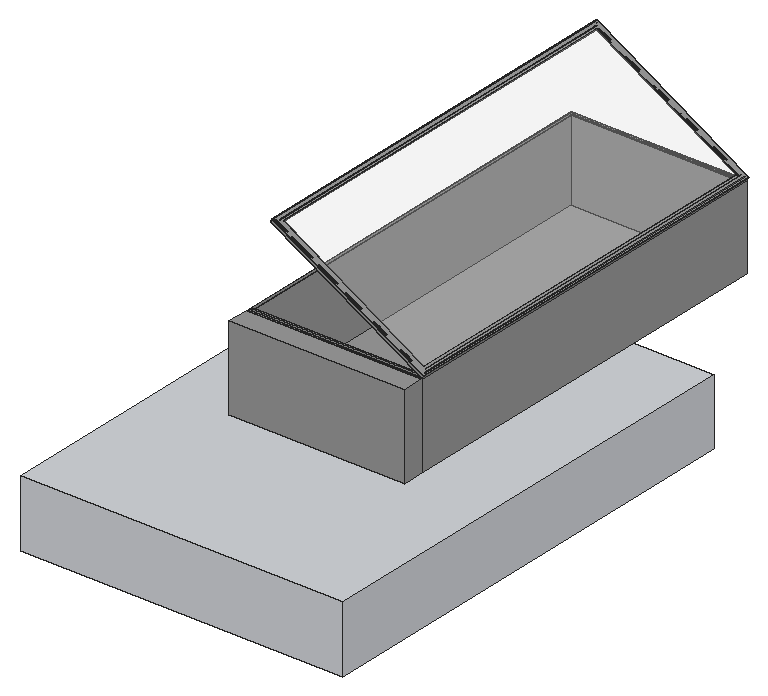
Revit family "Hager-Univers-IP55-D400-H1950-Cl.II-Steel_encl-NL-en", category Equipement électrique, Revit 2020
Family settings
  Hôte = Face
  Configuration du panneau = Deux colonnes, circuits au sein
  Cote de connecteur circulaire = Utiliser le diamètre
  Type d'élément = Tableau de raccordement
  Couper avec des vides une fois chargée = Non
  Partagée = Non
  Point de calcul de pièce = Non
Parameters (values of type "Floor installation IP55 W800 H1950 D400  - FR23U1")
  Width Control [instance] = if([EF000008 - Width] > Min Width, [EF000008 - Width], Min Width)  # 800 mm
  Commentaires du type = [HG000003 - Range]  # "Univers"
  Thickness Door [instance] = if([EF009171 - Material plate thickness door/cover] > 3 mm, 3 mm, [EF009171 - Material plate thickness door/cover])  # 1.5 mm
  Seal Frame Offset [instance] = 17 mm  # constant formula
  Plinth Visibility [instance] = [HG000027 - Plinth height] > 0 mm  # yes
  Model = ""
  Min Width [instance] = 100 mm  # constant formula
  Min Height [instance] = 100 mm  # constant formula
  Min Depth [instance] = (2 * [EF009170 - Material plate thickness cabinet]) + 1 mm  # 4 mm
  Internal Frame Depth [instance] = (Door System Depth * 0.5)  # 9 mm
  Height Control [instance] = if([EF000040 - Height] > Min Height, [EF000040 - Height], Min Height)  # 1950 mm
  HG000027 - Plinth height = 100 mm
  HG000026 - Floor standing = yes
  HG000024 - Bottom section height = 800 mm
  HG000023 - Double section enclosure = no
  HG000016 - Door 3d visibility [instance] = yes
  HG000015 - Clearance visibility [instance] = no
  HG000014 - Door on the right [instance] = yes
  HG000013 - Door on the left [instance] = not([HG000014 - Door on the right])  # no
  HG000012 - Door swing angle [instance] = 30.00°
  HG000010 - Asymmetric doors = no
  HG000009 - Double swing door = no
  HG000006 - Flush mounted = no
  HG000004 - Manufacturer reference = "FR23U1"
  HG000003 - Range = "Univers"
  HG000002 - With door or cover = yes
  Frame Offset Bottom [instance] = 10 mm  # constant formula
  Frame Offset [instance] = 15 mm  # constant formula
  EF015940 - Cover with overpressure release = no
  EF011959 - Degree of protection (NEMA) = ""
  EF009554 - Number of openings for flange plates = 6
  EF009212 - Cover model = "EV000116 - Closed"
  EF009171 - Material plate thickness door/cover = 1.5 mm
  EF009170 - Material plate thickness cabinet = 1.5 mm
  Fabricant = "Hager"  # constant formula
  EF008873 - Nominal current (In) = 800 A
  EF007800 - Suitable for lightning protection = no
  EF006306 - With lock = no
  EF006244 - Transparent cover/door = yes
  EF005474 - Degree of protection (IP) = "EV006420 - IP55"
  EF004464 - Type of door = "EV002646 - Single"
  EF004427 - Number of modules = 432
  EF004293 - Impact strength = "EV008784 - IK10"
  EF003532 - Suitable for outdoor use = no
  EF002950 - Width in number of modular spacings = 24
  EF001613 - Circuit integrity = "EV000494 - None"
  EF001596 - Material housing = "EV000179 - Steel"
  EF001131 - Internal depth = 400 mm
  EF001088 - Extension possible = yes
  EF000437 - Number of conduit inlets = 6
  EF000339 - Type of cover = "EV004216 - Door"
  EF000266 - Number of rows = 12
  EF000218 - Built-in depth = 0 mm
  EF000118 - With mounting plate = no
  EF000116 - RAL-number = "7035"
  EF000049 - Depth = 400 mm
  EF000040 - Height = 1950 mm
  EF000008 - Width = 800 mm
  EF000007 - Colour = "EV000270 - Grey"
  EF000003 - Mounting method = "EV012274 - Floor installation"
  Door System Leaf Tolerance [instance] = 1.5 mm  # constant formula
  Door System Depth [instance] = 18 mm  # constant formula
  Door Height [instance] = Height Control - [HG000027 - Plinth height]  # 1850 mm
  Depth Control [instance] = if([EF000049 - Depth] > Min Depth, [EF000049 - Depth], Min Depth)  # 400 mm
  Default Elevation = 0 mm
  Connector Offset [instance] = Height Control / 2  # 975 mm
  Bottom Top Plate Trim [instance] = 1.5 mm  # constant formula
  Plinth height Ctrl [instance] = if([HG000027 - Plinth height] > 0 mm, [HG000027 - Plinth height], 12 mm)  # 100 mm
Types (11, lengths in mm): name | Width Control | HG000010 - Asymmetric doors | HG000009 - Double swing door | HG000004 - Manufacturer reference | EF009554 - Number of openings for flange plates | EF006244 - Transparent cover/door | EF004464 - Type of door | EF004427 - Number of modules | EF000437 - Number of conduit inlets | EF000008 - Width
  Floor installation IP55 W1050 H1950 D400  - FR24H1 | 1050 | yes | yes | "FR24H1" | 8 | no | "EV003602 - Double" | 576 | 8 | 1050
  Floor installation IP55 W1050 H1950 D400  - FR24U1 | 1050 | yes | yes | "FR24U1" | 8 | yes | "EV003602 - Double" | 576 | 8 | 1050
  Floor installation IP55 W1300 H1950 D400  - FR25H1 | 1300 | yes | yes | "FR25H1" | 10 | no | "EV003602 - Double" | 720 | 10 | 1300
  Floor installation IP55 W1300 H1950 D400  - FR25U1 | 1300 | yes | yes | "FR25U1" | 10 | yes | "EV003602 - Double" | 720 | 10 | 1300
  Floor installation IP55 W1550 H1950 D400  - FR26H1 | 1550 | yes | yes | "FR26H1" | 12 | no | "EV003602 - Double" | 864 | 12 | 1550
  Floor installation IP55 W1550 H1950 D400  - FR26U1 | 1550 | yes | yes | "FR26U1" | 12 | yes | "EV003602 - Double" | 864 | 12 | 1550
  Floor installation IP55 W300 H1950 D400  - FR21H1 | 300 | no | no | "FR21H1" | 2 | no | "EV002646 - Single" | 144 | 2 | 300
  Floor installation IP55 W550 H1950 D400  - FR22H1 | 550 | no | no | "FR22H1" | 4 | no | "EV002646 - Single" | 288 | 4 | 550
  Floor installation IP55 W550 H1950 D400  - FR22U1 | 550 | no | no | "FR22U1" | 4 | yes | "EV002646 - Single" | 288 | 4 | 550
  Floor installation IP55 W800 H1950 D400  - FR23H1 | 800 | no | no | "FR23H1" | 6 | no | "EV002646 - Single" | 432 | 6 | 800
  Floor installation IP55 W800 H1950 D400  - FR23U1 | 800 | no | no | "FR23U1" | 6 | yes | "EV002646 - Single" | 432 | 6 | 800
Reference planes
  plane 1 "Center (Front/Back)": y = 0
  plane 2: z = 0
  plane 3 "Center (Left/Right)": x = 0
  plane 4: z = 400
  plane 5: y = 101.5
  plane 6: y = 1025
  plane 7: y = 100
  plane 8: y = 1950
  plane 9: z = 0
  plane 10: x = -385
  plane 11: x = 385
  plane 12: x = 383.5
  plane 13: x = -383.5
  plane 14: y = 1948.5
  plane 15: x = -383
  plane 16: x = -400
  plane 17: x = 383
  plane 18: x = 400
  plane 19: x = 398.5
  plane 20: x = -398.5
  plane 21: y = 111.5
  plane 22: y = 1950
  plane 23: y = 1933.5
  plane 24: z = 382
  plane 25: z = 1.5
  plane 26: z = 380.5
  plane 27: z = 398.5
Forms (mm)
  Extrusion 1, solid
    sketch origin (0, 0, 0) x (1, 0, 0) y (0, 1, 0)
      loop
        line (-702.964, 1305) -> (-702.964, -811.445) -> (766.763, -811.445) -> (766.763, 1305) -> (-702.964, 1305)
    from 0 to -304.8
  Extrusion 2, solid, material "Hager_Steel_RAL7035_Light_Grey", visible <- "Plinth Visibility", detail levels medium+fine
    sketch origin (0, 0, 0) x (1, 0, 0) y (0, 1, 0)
      loop
        line (-400, 0) -> (400, 0) -> (400, 100) -> (-400, 100) -> (-400, 0)
    from 0 to 382
  Extrusion 3, solid, material "Hager_Steel_RAL7035_Light_Grey", detail levels medium+fine
    sketch origin (0, 0, 0) x (1, 0, 0) y (0, 1, 0)
      loop
        line (-400, 100) -> (400, 100) -> (400, 1950) -> (-400, 1950) -> (-400, 100)
    from 0 to 382
  Extrusion 4, void
    sketch origin (0, 0, 0) x (1, 0, 0) y (0, 1, 0)
      loop
        line (-398.5, 101.5) -> (398.5, 101.5) -> (398.5, 1948.5) -> (-398.5, 1948.5) -> (-398.5, 101.5)
    from 1.5 to 380.5
  Extrusion 5, void
    sketch origin (-381.607, -4572, 382) x (0, -1, 0) y (-1, 0, 0)
      loop
        line (-4683.5, 1.893) -> (-6505.5, 1.893) -> (-6505.5, -765.107) -> (-4683.5, -765.107) -> (-4683.5, 1.893)
    from 0 to 1.5 <- "EF009170 - Material plate thickness cabinet"
  Extrusion 6, solid, material "Hager_Steel_RAL7035_Light_Grey", detail levels fine
    sketch origin (0, 0, 382) x (1, 0, 0) y (0, 1, 0)
      loop
        line (-383.5, 1933.5) -> (-383.5, 111.5) -> (383.5, 111.5) -> (383.5, 1933.5) -> (-383.5, 1933.5)
      loop
        line (-385, 110) -> (385, 110) -> (385, 1935) -> (-385, 1935) -> (-385, 110)
    from 0 to 9 <- "Internal Frame Depth"
  Extrusion 7, solid, material "Hager_Steel_RAL7035_Light_Grey", detail levels coarse
    sketch origin (0, 0, 0) x (1, 0, 0) y (0, 1, 0)
      loop
        line (-400, 0) -> (400, 0) -> (400, 1950) -> (-400, 1950) -> (-400, 0)
    from 0 to 400
  Sweep 8, void
    path in 3D
      loop
        line (-400, 100, 0) -> (400, 100, 0) -> (400, 100, 382) -> (-400, 100, 382) -> (-400, 100, 0)
    profile origin (-400, 100, 191) x (-1, 0, 0) y (0, -1, 0)
      loop
        line (0, 0) -> (0, 1.5) -> (-1.5, 1.5)
        arc (-1.5, 1.5) -> (-1.061, 0.439) -> (0, 0) r 1.5
Cuts and joins
  Extrusion 4, Extrusion 5 cuts Extrusion 3
  Sweep 8 cuts Extrusion 2
Lines and regions (mm)
  Masking region 1
    outline origin (0, 0, 0) x (1, 0, 0) y (0, 0, 1)
      loop
        line (-400, 400) -> (-400, 0) -> (400, 0) -> (400, 400) -> (-400, 400)
  Masking region 2, detail levels medium+fine
    outline origin (0, 140, 0) x (0, 1, 0) y (0, 0, 1)
      loop
        line (-40, 0) -> (1810, 0) -> (1810, 382) -> (-40, 382) -> (-40, 0)
  Masking region 3, not visible, detail levels medium+fine
    outline origin (0, 297.922, 0) x (0, 1, 0) y (0, 0, 1)
      loop
        line (738.578, 0) -> (778.578, 0) -> (778.578, 388.5)
        arc (778.578, 388.5) -> (775.649, 395.571) -> (768.578, 398.5) r 10
        line (768.578, 398.5) -> (738.578, 398.5) -> (738.578, 0)
  Masking region 4, detail levels coarse
    outline origin (0, 0, 180) x (0, 1, 0) y (0, 0, 1)
      loop
        line (0, -180) -> (1950, -180) -> (1950, 220) -> (0, 220) -> (0, -180)
  Masking region 5, visible <- "Plinth Visibility", detail levels medium+fine
    outline origin (0, 52.24, 12.345) x (0, 0, -1) y (0, 1, 0)
      loop
        line (10.845, 47.76) -> (-368.155, 47.76)
        arc (-368.155, 47.76) -> (-368.594, 46.699) -> (-369.655, 46.26) r 1.5
        line (-369.655, 46.26) -> (-369.655, -52.24) -> (12.345, -52.24) -> (12.345, 46.26)
        arc (12.345, 46.26) -> (11.285, 46.699) -> (10.845, 47.76) r 1.5
  Masking region 6, detail levels medium+fine
    outline origin (-381.607, -4572, 382) x (-1, 0, 0) y (0, -1, 0)
      loop
        line (18.393, -6522) -> (18.393, -4672) -> (-781.607, -4672) -> (-781.607, -6522) -> (18.393, -6522)
  Masking region 7, visible <- "Plinth Visibility", detail levels medium+fine
    outline origin (-381.607, -4727, 382) x (-1, 0, 0) y (0, -1, 0)
      loop
        arc (16.893, -4827) -> (17.332, -4825.939) -> (18.393, -4825.5) r 1.5
        line (18.393, -4825.5) -> (18.393, -4727) -> (-781.607, -4727) -> (-781.607, -4825.5)
        arc (-781.607, -4825.5) -> (-780.546, -4825.939) -> (-780.107, -4827) r 1.5
        line (-780.107, -4827) -> (16.893, -4827)
  Masking region 8, detail levels coarse
    outline origin (-442.548, -4669.526, 382) x (-1, 0, 0) y (0, -1, 0)
      loop
        line (-42.548, -6619.526) -> (-42.548, -4669.526) -> (-842.548, -4669.526) -> (-842.548, -6619.526) -> (-42.548, -6619.526)
  sketch lines
    curve 1: line (-400, 100, 382) -> (-400, 100, 0)
    curve 2: line (400, 100, 382) -> (-400, 100, 382)
    curve 3: line (400, 100, 382) -> (400, 100, 0)
    curve 4: line (-400, 100, 0) -> (400, 100, 0)
Dimensions and locks
  "Depth Control": plane 4 to Extrusion 1
  "HG000027 - Plinth height": plane 1 "Center (Front/Back)" to plane 7
  "EF009170 - Material plate thickness cabinet": plane 5 to plane 7
  locked: connector elem to plane 3 "Center (Left/Right)"
  equal spacing: plane 8, plane 6, plane 7
  locked: connector elem to plane 6
  "EF009170 - Material plate thickness cabinet": plane 8 to plane 14
  "EF009170 - Material plate thickness cabinet": plane 10 to plane 13
  "EF009170 - Material plate thickness cabinet": plane 12 to plane 11
  "Frame Offset": plane 20 to plane 13
  "Frame Offset": plane 12 to plane 19
  "EF009170 - Material plate thickness cabinet": plane 16 to plane 20
  "EF009170 - Material plate thickness cabinet": plane 19 to plane 18
  "Seal Frame Offset": plane 16 to plane 15
  "Seal Frame Offset": plane 17 to plane 18
  "Frame Offset Bottom": plane 21 to plane 5
  "Frame Offset": plane 14 to plane 23
  equal spacing: plane 16, plane 3 "Center (Left/Right)", plane 18
  "Width Control": plane 16 to plane 18
  "EF009170 - Material plate thickness cabinet": plane 4 to plane 27
  "EF009170 - Material plate thickness cabinet": plane 24 to plane 26
  "EF009170 - Material plate thickness cabinet": plane 25 to level
  "Door System Depth": plane 4 to plane 24
  "Height Control": plane 1 "Center (Front/Back)" to Extrusion 7 sketch curve
  "Height Control": Masking region 4 sketch curve to plane 1 "Center (Front/Back)"
  "Height Control": plane 1 "Center (Front/Back)" to plane 22
  "Bottom Top Plate Trim": profile plane to Sweep 8 sketch curve
  "Bottom Top Plate Trim": Sweep 8 sketch curve to profile plane
  "Plinth height Ctrl": plane 1 "Center (Front/Back)" to Extrusion 2 sketch curve
  "Plinth height Ctrl": Masking region 5 sketch curve to plane 1 "Center (Front/Back)"
  "Plinth height Ctrl": plane 1 "Center (Front/Back)" to Masking region 7 sketch curve
  "Thickness Door": Extrusion 6 sketch curve to Extrusion 6 sketch curve  (x3)
  "Thickness Door": cut or joined group of Extrusion 3, Extrusion 4, Extrusion 5 to Extrusion 6 sketch curve
  radius of Masking region 3 sketch curve = 10 mm
  "Bottom Top Plate Trim": radius of Masking region 5 sketch curve  (x2)
  "Bottom Top Plate Trim": radius of Sweep 8 sketch curve
  "Bottom Top Plate Trim": radius of Masking region 7 sketch curve  (x2)
  aligned and locked: plane 2 to Extrusion 1
  aligned and locked: level to Extrusion 1
  aligned and locked: level to Masking region 1 sketch curve
  aligned and locked: Masking region 1 sketch curve to plane 18
  aligned and locked: Masking region 1 sketch curve to plane 16
  aligned and locked: plane 7 to Masking region 2 sketch curve
  aligned and locked: level to Masking region 3 sketch curve
  aligned and locked: Masking region 3 sketch curve to plane 27
  aligned and locked: level to Masking region 2 sketch curve
  aligned and locked: plane 1 "Center (Front/Back)" to Extrusion 2 sketch curve
  aligned and locked: Extrusion 3 sketch curve to plane 7
  aligned and locked: plane 16 to Extrusion 3 sketch curve
  aligned and locked: plane 18 to Extrusion 3 sketch curve
  aligned and locked: plane 20 to Extrusion 4 sketch curve
  aligned and locked: plane 19 to Extrusion 4 sketch curve
  aligned and locked: Extrusion 4 sketch curve to plane 5
  aligned and locked: Extrusion 4 to plane 25
  aligned and locked: plane 26 to Extrusion 4
  aligned and locked: plane 24 to Extrusion 3
  aligned and locked: Extrusion 5 sketch curve to plane 21
  aligned and locked: Extrusion 5 sketch curve to plane 13
  aligned and locked: Extrusion 5 sketch curve to plane 12
  aligned and locked: plane 18 to Extrusion 7 sketch curve
  aligned and locked: plane 1 "Center (Front/Back)" to Extrusion 7 sketch curve
  aligned and locked: plane 16 to Extrusion 7 sketch curve
  aligned and locked: plane 4 to Extrusion 7
  aligned and locked: Extrusion 7 to level
  aligned and locked: level to Masking region 4 sketch curve
  aligned and locked: Masking region 4 sketch curve to plane 1 "Center (Front/Back)"
  aligned and locked: Masking region 4 sketch curve to plane 4
  aligned and locked: nested 1 to level
  aligned and locked: nested 1 to plane 16
  aligned and locked: plane 8 to Extrusion 3 sketch curve
  aligned and locked: plane 23 to Extrusion 5 sketch curve
  aligned and locked: plane 14 to Extrusion 4 sketch curve
  aligned and locked: Masking region 2 sketch curve to plane 8
  aligned and locked: level to Masking region 5 sketch curve
  aligned and locked: plane 16 to Extrusion 2 sketch curve
  aligned and locked: plane 18 to Extrusion 2 sketch curve
  aligned and locked: Masking region 5 sketch curve to plane 24
  aligned and locked: Masking region 2 sketch curve to plane 24
  aligned and locked: plane 24 to Extrusion 2
  aligned and locked: profile plane to Sweep 8 sketch curve  (x2)
  aligned and locked: Masking region 6 sketch curve to plane 18
  aligned and locked: Masking region 6 sketch curve to plane 22
  aligned and locked: Masking region 6 sketch curve to plane 16
  aligned and locked: plane 8 to plane 22
  aligned and locked: Masking region 6 sketch curve to plane 7
  aligned and locked: Masking region 7 sketch curve to plane 16
  aligned and locked: Masking region 7 sketch curve to plane 1 "Center (Front/Back)"
  aligned and locked: Masking region 7 sketch curve to plane 18
  aligned and locked: Masking region 8 sketch curve to plane 1 "Center (Front/Back)"
  aligned and locked: Masking region 8 sketch curve to plane 18
  aligned and locked: Masking region 8 sketch curve to plane 22
  aligned and locked: Masking region 8 sketch curve to plane 16
  aligned and locked: nested 2 to plane 7
  aligned and locked: plane 3 "Center (Left/Right)" to nested 2
  aligned and locked: nested 2 to plane 24
  aligned and locked: Extrusion 6 sketch curve to cut or joined group of Extrusion 3, Extrusion 4, Extrusion 5  (x4)
Automatic sketch dimensions
  Extrusion 1 sketch curve to Extrusion 1 sketch curve = 1469.727 mm
  Extrusion 1 sketch curve to Extrusion 1 sketch curve = 2116.445 mm
  Masking region 1 sketch curve to plane 4 = 0 mm
  plane 6 to Masking region 3 sketch curve = 11.5 mm
  Masking region 3 sketch curve to Masking region 3 sketch curve = 30 mm
  Masking region 5 sketch curve to plane 1 "Center (Front/Back)" = 0 mm
Nested families
  nested 1: "Hager_Enclosure_Symbol" at (-400, 0, 0) x (1, 0, 0) z (0, -1, 0), Height <- "Depth Control", Width <- "Width Control", type "Hager_Enclosure_Symbol"
    with Width_Ctrl 800 mm, Width 800 mm, Height_Ctrl 400 mm, Height 400 mm, A_Width_Int 26.25 mm, A_Width 315 mm, A_Height_Ctrl 350 mm, A_Height 350 mm
  nested 2: "EC000058_Univers_Door" at (0, 100, 382) x (1, 0, 0) z (0, 1, 0), Leaf_Tolerance <- "Door System Leaf Tolerance", Angle <- "HG000012 - Door swing angle", Door_Depth <- "Door System Depth", Door_Left <- "HG000013 - Door on the left", Transparent <- "EF006244 - Transparent cover/door", Assymetrical <- "HG000010 - Asymmetric doors", Width <- "Width Control", Clearance <- "HG000015 - Clearance visibility", Double <- "HG000009 - Double swing door", 3d_Door <- "HG000016 - Door 3d visibility", Lock_Visibility <- "EF006306 - With lock", Width_Ctrl <- "Width Control", Door_Right <- "HG000014 - Door on the right", Door <- "HG000002 - With door or cover", Height <- "Door Height", Thickness <- "Thickness Door", type "EC000058_Univers_Door", detail levels medium+fine
    with min_wh 4 mm, Width_Ctrl 800 mm, Width 800 mm, Transparent yes, Thickness 1.5 mm, Seal_Material Hager_Rubber, Lock_Visibility no, Lock_Material Hager_Plastic_RAL9005_Jet_Black, Leaf_Width 800 mm, Leaf_Tolerance_External_Sides 0 mm, Leaf_Tolerance 1.5 mm, Leaf_Offset 0 mm, Leaf_Height 1847 mm, Leaf_2_Width 800 mm, Leaf_2_Offset 400 mm, Leaf_1_Width 800 mm, Leaf_1_Offset 400 mm, Height_Ctrl 1850 mm, Height 1850 mm, Glass_Material Hager_Glass, Double_Clearance_Ctrl no, Double no, Door_Right_Ctrl yes, Door_Right yes, Door_Material Hager_Steel_RAL7035_Light_Grey, Door_Left_Ctrl no, Door_Left no, Door_Depth 18 mm, Door yes, Clearance_Material Hager_Clearance, Clearance_Depth 800 mm, Clearance_Ctrl no, Clearance no, Assymetrical no, Angle 30.00°, 3d_Door yes
Connectors
  electrical at (0, 1025, 0)
    settings: on plane 9, index 1, voltage 0 V, apparent load 0 VA, apparent load phase1 0 VA, apparent load phase2 0 VA, apparent load phase3 0 VA, power factor 1, load classification "Other", number of poles 1, system type 30, power factor state 1, is connector primary yes, connector utility no, sub classification motor no, connector description ""
Definition of nested family "EC000058_Univers_Door"
  Parameters (values of type "EC000058_Univers_Door")
    min_wh [instance] = (2 * Thickness) + 1 mm  # 11 mm
    Width_Ctrl [instance] = 400 mm
    Width [instance] = 500 mm
    Transparent [instance] = yes
    Thickness [instance] = 5 mm
    Seal_Material [instance] = none
    Lock_Visibility [instance] = yes
    Lock_Material [instance] = none
    Leaf_Width [instance] = if((Width_Ctrl - 2 * Leaf_Tolerance_External_Sides) > 0 mm, (Width_Ctrl - 2 * Leaf_Tolerance_External_Sides), min_wh)  # 400 mm
    Leaf_Tolerance_External_Sides [instance] = 0 mm  # constant formula
    Leaf_Tolerance [instance] = 1.5 mm
    Leaf_Offset [instance] = 0 mm  # constant formula
    Leaf_Height [instance] = if((Height_Ctrl - 2 * Leaf_Tolerance) > 0 mm, (Height_Ctrl - 2 * Leaf_Tolerance), min_wh)  # 497 mm
    Leaf_2_Width [instance] = if(and(and(Double, Assymetrical), Door_Left), (Leaf_Width / 3) - (Leaf_Tolerance / 2), if(and(and(Double, Assymetrical), Door_Right), (Leaf_Width / 3) * 2 - (Leaf_Tolerance / 2), if(and(Double, not(Assymetrical)), (Leaf_Width / 2) - Leaf_Tolerance, Leaf_Width)))  # 400 mm
    Leaf_2_Offset [instance] = if(and(Double, Assymetrical), Leaf_2_Width / 2, if(and(Double, not(Assymetrical)), Leaf_Width / 4, Leaf_Width / 2))  # 200 mm
    Leaf_1_Width [instance] = if(and(and(Double, Assymetrical), Door_Right), (Leaf_Width / 3) - (Leaf_Tolerance / 2), if(and(and(Double, Assymetrical), Door_Left), (Width / 3) * 2 - (Leaf_Tolerance / 2), if(and(Double, not(Assymetrical)), (Leaf_Width / 2) - Leaf_Tolerance, Leaf_Width)))  # 400 mm
    Leaf_1_Offset [instance] = if(and(Double, Assymetrical), Leaf_1_Width / 2, if(and(Double, not(Assymetrical)), Leaf_Width / 4, Leaf_Width / 2))  # 200 mm
    Height_Ctrl [instance] = if(Height > min_wh, Height, min_wh)  # 500 mm
    Height [instance] = 500 mm
    Glass_Material [instance] = none
    Double_Clearance_Ctrl [instance] = and(Double, Clearance)  # no
    Double [instance] = no
    Door_Right_Ctrl [instance] = and(or(Door_Right, Double), Door)  # yes
    Door_Right [instance] = yes
    Door_Material [instance] = none
    Door_Left_Ctrl [instance] = and(or(Door_Left, Double), Door)  # no
    Door_Left [instance] = no
    Door_Depth [instance] = 30 mm
    Door [instance] = yes
    Default Elevation = 1219.2 mm
    Clearance_Material [instance] = none
    Clearance_Depth [instance] = if(Leaf_1_Width > Leaf_2_Width, Leaf_1_Width, Leaf_2_Width)  # 400 mm
    Clearance_Ctrl [instance] = and(not(Double), Clearance)  # yes
    Clearance [instance] = yes
    Assymetrical [instance] = yes
    Angle [instance] = 30.00°
    3d_Door [instance] = yes
  Reference planes
    plane 1 "Center (Front/Back)": y = 0
    plane 2 "Bottom": z = 0
    plane 3 "Center (Left/Right)": x = 0
    plane 4: z = 500
    plane 5: x = -200
    plane 6: x = 200
    plane 7: z = 500
    plane 8: x = -200
    plane 9: z = 0
    plane 10: x = 200
    plane 11: y = 0
    plane 12: z = 1.5
    plane 13: x = -600
    plane 14: y = -400
    plane 15: x = 600
    plane 16: x = 0
    plane 17: x = 0
    plane 18: x = -200
    plane 19: x = 200
    plane 20: z = 498.5
  Forms (mm)
    Extrusion 1, solid, material <- "Clearance_Material", visible <- "Double_Clearance_Ctrl"
      sketch origin (1200, 0, 0) x (1, 0, 0) y (0, 0, -1)
        loop
          line (-1800, -498.5) -> (-600, -498.5) -> (-600, 0) -> (-1800, 0) -> (-1800, -498.5)
      from 0 to -400
  Dimensions and locks
    equal spacing: plane 5, plane 3 "Center (Left/Right)", plane 6
    "Width_Ctrl": plane 5 to plane 6
    "Leaf_Offset": plane 5 to plane 8
    "Leaf_Offset": plane 6 to plane 10
    "Leaf_Offset": plane 9 to level
    "Leaf_Offset": plane 4 to plane 7
    "Height_Ctrl": plane 4 to level
    "Leaf_Tolerance": plane 12 to plane 9
    locked: plane 11 to plane 1 "Center (Front/Back)"
    "Leaf_1_Offset": plane 18 to plane 16
    "Leaf_2_Offset": plane 17 to plane 19
    "Leaf_1_Width": plane 13 to plane 8
    "Leaf_2_Width": plane 10 to plane 15
    "Clearance_Depth": plane 14 to plane 1 "Center (Front/Back)"
    "Leaf_Tolerance_External_Sides": plane 8 to plane 18
    "Leaf_Tolerance_External_Sides": plane 19 to plane 10
    "Leaf_Tolerance": plane 7 to plane 20
    aligned and locked: level to plane 2 "Bottom"
    aligned and locked: nested 1 to plane 16
    aligned and locked: nested 2 to plane 17
    aligned and locked: Extrusion 1 to plane 13
    aligned and locked: plane 15 to Extrusion 1
    aligned and locked: Extrusion 1 to plane 14
    aligned and locked: plane 12 to nested 1
    aligned and locked: nested 2 to plane 12
    aligned and locked: Extrusion 1 to plane 11
    aligned and locked: plane 20 to Extrusion 1
    aligned and locked: nested 2 to plane 11
    aligned and locked: nested 1 to plane 11
  Automatic sketch dimensions
    Extrusion 1 sketch curve to level = 0 mm
    plane 5 to Extrusion 1 sketch curve = 400 mm
    plane 6 to Extrusion 1 sketch curve = 400 mm
    Extrusion 1 sketch curve to plane 4 = 1.5 mm
  Nested families
    nested 1: "EC000058_Univers_Door_Leaf" at (0, 0, 1.5), Width <- "Leaf_1_Width", visible <- "Door_Left_Ctrl", Leaf_Height <- "Leaf_Height", Angle <- "Angle", 3d_Door <- "3d_Door", Transparent <- "Transparent", Clearance Material <- "Clearance_Material", Clearance <- "Clearance_Ctrl", Door_Material <- "Door_Material", Glass_Material <- "Glass_Material", Door_Depth <- "Door_Depth", Lock_Material <- "Lock_Material", Seal_Material <- "Seal_Material", Lock_Visibility <- "Lock_Visibility", Thickness <- "Thickness", type "EC000058_Univers_Door_Leaf"
      with Width 400 mm, Transparent_Glass_Offset 30 mm, Transparent_Ctrl yes, Transparent yes, Thickness 5 mm, Standard no, Seal_Material none, Seal_D2 8 mm, Seal_D1 1 mm, Offset_Internal_Frame 10 mm, Lock_Width 20 mm, Lock_Visibility_3d yes, Lock_Visibility yes, Lock_Thickness_3 3 mm, Lock_Thickness_2 1 mm, Lock_Thickness_1 3 mm, Lock_Radius_Offset_2 16 mm, Lock_Radius_Offset_1 15 mm, Lock_Radius_2 5 mm, Lock_Radius 6 mm, Lock_Offset 5 mm, Lock_Material none, Lock_Height 80 mm, Lock_Cover_Top_Offset_2d 17 mm, Lock_Cover_Height -65 mm, Leaf_Height 497 mm, Internal_Seal_Thickness 8 mm, Internal_Seal_Depth_2 4.5 mm, Internal_Frame_Depth 25 mm, Glass_Thickness -1 mm, Glass_Offset -2 mm, Glass_Material none, Door_Material none, Door_Depth 30 mm, Clearance Material none, Clearance yes, Angle_Ctrl 30.00°, Angle 30.00°, 3d_Door yes
    nested 2: "EC000058_Univers_Door_Leaf" at (0, 0, 1.5) x (-1, 0, 0) z (0, 0, 1), Width <- "Leaf_2_Width", visible <- "Door_Right_Ctrl", Leaf_Height <- "Leaf_Height", Angle <- "Angle", 3d_Door <- "3d_Door", Transparent <- "Transparent", Clearance Material <- "Clearance_Material", Clearance <- "Clearance_Ctrl", Door_Material <- "Door_Material", Glass_Material <- "Glass_Material", Door_Depth <- "Door_Depth", Lock_Material <- "Lock_Material", Seal_Material <- "Seal_Material", Lock_Visibility <- "Lock_Visibility", Thickness <- "Thickness", type "EC000058_Univers_Door_Leaf"
      with Width 400 mm, Transparent_Glass_Offset 30 mm, Transparent_Ctrl yes, Transparent yes, Thickness 5 mm, Standard no, Seal_Material none, Seal_D2 8 mm, Seal_D1 1 mm, Offset_Internal_Frame 10 mm, Lock_Width 20 mm, Lock_Visibility_3d yes, Lock_Visibility yes, Lock_Thickness_3 3 mm, Lock_Thickness_2 1 mm, Lock_Thickness_1 3 mm, Lock_Radius_Offset_2 16 mm, Lock_Radius_Offset_1 15 mm, Lock_Radius_2 5 mm, Lock_Radius 6 mm, Lock_Offset 5 mm, Lock_Material none, Lock_Height 80 mm, Lock_Cover_Top_Offset_2d 17 mm, Lock_Cover_Height -65 mm, Leaf_Height 497 mm, Internal_Seal_Thickness 8 mm, Internal_Seal_Depth_2 4.5 mm, Internal_Frame_Depth 25 mm, Glass_Thickness -1 mm, Glass_Offset -2 mm, Glass_Material none, Door_Material none, Door_Depth 30 mm, Clearance Material none, Clearance yes, Angle_Ctrl 30.00°, Angle 30.00°, 3d_Door yes
  Definition of nested family "EC000058_Univers_Door_Leaf"
    Parameters (values of type "EC000058_Univers_Door_Leaf")
      Width [instance] = 2000 mm
      Transparent_Glass_Offset [instance] = 30 mm
      Transparent_Ctrl [instance] = and(Transparent, [3d_Door])  # yes
      Transparent [instance] = yes
      Thickness [instance] = 5 mm
      Standard [instance] = and(not(Transparent), [3d_Door])  # no
      Seal_Material [instance] = none
      Seal_D2 [instance] = 8 mm  # constant formula
      Seal_D1 [instance] = 1 mm  # constant formula
      Offset_Internal_Frame [instance] = 10 mm  # constant formula
      Lock_Width [instance] = 20 mm  # constant formula
      Lock_Visibility_3d [instance] = and(Lock_Visibility, [3d_Door])  # yes
      Lock_Visibility [instance] = yes
      Lock_Thickness_3 [instance] = 3 mm  # constant formula
      Lock_Thickness_2 [instance] = 1 mm  # constant formula
      Lock_Thickness_1 [instance] = 3 mm  # constant formula
      Lock_Radius_Offset_2 [instance] = Lock_Radius_Offset_1 + 1 mm  # 16 mm
      Lock_Radius_Offset_1 [instance] = 15 mm  # constant formula
      Lock_Radius_2 [instance] = Lock_Radius - 1 mm  # 5 mm
      Lock_Radius [instance] = 6 mm  # constant formula
      Lock_Offset [instance] = 5 mm  # constant formula
      Lock_Material [instance] = none
      Lock_Height [instance] = 80 mm  # constant formula
      Lock_Cover_Top_Offset_2d [instance] = Lock_Radius_Offset_2 + 1 mm  # 17 mm
      Lock_Cover_Height [instance] = -(Lock_Height - Lock_Radius_Offset_1)  # -65 mm
      Leaf_Height [instance] = 2720.336 mm
      Internal_Seal_Thickness [instance] = 8 mm  # constant formula
      Internal_Seal_Depth_2 [instance] = 4.5 mm  # constant formula
      Internal_Frame_Depth [instance] = if(Door_Depth - Thickness > 5 mm, Door_Depth - Thickness, 5 mm)  # 25 mm
      Glass_Thickness [instance] = if(Thickness > 15 mm, Glass_Offset + 10 mm, -1 mm)  # -1 mm
      Glass_Offset [instance] = if(Thickness > 15 mm, -(Thickness + 10 mm) / 2, -2 mm)  # -2 mm
      Glass_Material [instance] = none
      Door_Material [instance] = none
      Door_Depth [instance] = 30 mm
      Default Elevation = 0 mm
      Clearance Material [instance] = none
      Clearance [instance] = yes
      Angle_Ctrl [instance] = if(Angle > 180.00°, 180.00°, Angle)  # 90.00°
      Angle [instance] = 90.00°
      3d_Door [instance] = yes
    Reference planes
      plane 1 "Center (Front/Back)": y = 0
      plane 2: z = 0
      plane 3 "Center (Left/Right)": x = 0
      plane 4: y = 2000
      plane 5: x = -1000
      plane 6: x = 1000
      plane 7: x = -3000
      plane 8: z = 2720.336
      plane 9: z = 30
      plane 10: z = 2690.336
      plane 11: x = 970
      plane 12: x = -970
      plane 13: y = -3
      plane 14: z = 107.833
      plane 15: y = -5
      plane 16: y = -223.314
      plane 17: x = -1000
      plane 18: z = 1360.168
      plane 19: y = 30
    Forms (mm)
      Extrusion 1, solid, material <- "Clearance Material", visible <- "Clearance"
        sketch origin (0, 0, 0) x (1, 0, 0) y (0, 0, 1)
          loop
            line (-3000, 2720.336) -> (-3000, 0) -> (1000, 0) -> (1000, 2720.336) -> (-3000, 2720.336)
        from 0 to -2000
      Extrusion 2, solid, material <- "Door_Material", visible <- "Standard", detail levels medium+fine
        sketch origin (-1000, 0, 0) x (0, 1, 0) y (-1, 0, 0)
          loop
            line (0, 30) -> (0, 25) -> (2000, 25) -> (2000, 30) -> (0, 30)
        from 0 to 2720.336 <- "Leaf_Height"
      Extrusion 3, solid, material <- "Door_Material", visible <- "Transparent_Ctrl", detail levels medium+fine
        sketch origin (-1000, 0, 0) x (0, 1, 0) y (-1, 0, 0)
          loop
            line (0, 25) -> (2000, 25) -> (2000, 30) -> (0, 30) -> (0, 25)
        from 0 to 2720.336 <- "Leaf_Height"
      Extrusion 4, void
        sketch origin (-1025, 2000, 0) x (0, 1, 0) y (0, 0, -1)
          loop
            line (-30, -2690.336) -> (-30, -30) -> (-1970, -30) -> (-1970, -2690.336) -> (-30, -2690.336)
        from 0 to 5 <- "Thickness"
      Sweep 5, solid, material <- "Seal_Material", visible <- "Transparent_Ctrl", detail levels fine
        path in 3D
          loop
            line (-1025, 30, 30) -> (-1025, 30, 2690.336) -> (-1025, 1970, 2690.336) -> (-1025, 1970, 30) -> (-1025, 30, 30)
        profile origin (-1025, 1000, 30) x (1, 0, 0) y (0, 0, 1)
          loop
            line (0, 0) -> (0, -8) -> (1, -8) -> (1, 0) -> (0, 0)
      Extrusion 6, solid, material <- "Glass_Material", visible <- "Transparent_Ctrl", detail levels medium+fine
        sketch origin (-1030, 0, 0) x (0, 1, 0) y (0, 0, -1)
          loop
            line (1970, -2690.336) -> (1970, -30) -> (30, -30) -> (30, -2690.336) -> (1970, -2690.336)
        from -2 <- "Glass_Offset" to -1 <- "Glass_Thickness"
      Extrusion 7, solid, material <- "Door_Material", visible <- "3d_Door", detail levels medium+fine
        sketch origin (-1025, 2000, 0) x (0, -1, 0) y (0, 0, -1)
          loop
            line (0, -2720.336) -> (2000, -2720.336) -> (2000, 0) -> (0, 0) -> (0, -2720.336)
          loop
            line (1995, -5) -> (5, -5) -> (5, -2715.336) -> (1995, -2715.336) -> (1995, -5)
        from 0 to 25 <- "Internal_Frame_Depth"
      Sweep 8, solid, material <- "Seal_Material", visible <- "Transparent_Ctrl", detail levels fine
        path in 3D
          loop
            line (-1025, 0, 0) -> (-1025, 2000, 0) -> (-1025, 2000, 2720.336) -> (-1025, 0, 2720.336) -> (-1025, 0, 0)
        profile origin (-1025, 0, 1360.168) x (1, 0, 0) y (0, 1, 0)
          loop
            line (0, 10) -> (2.975, 10)
            arc (2.975, 10) -> (4.053, 10.447) -> (4.5, 11.525) r 1.525
            line (4.5, 11.525) -> (4.5, 16.527)
            arc (4.5, 16.527) -> (4.069, 17.569) -> (3.027, 18) r 1.473
            line (3.027, 18) -> (0, 18) -> (0, 10)
      Extrusion 9, solid, material <- "Lock_Material", visible <- "Lock_Visibility_3d", detail levels fine
        sketch origin (-1030, 0, 0) x (0, 1, 0) y (0, 0, -1)
          loop
            arc (1993.5, -1400.168) -> (1994.561, -1399.729) -> (1995, -1398.668) r 1.5
            line (1995, -1398.668) -> (1995, -1320.168) -> (1975, -1320.168) -> (1975, -1398.668)
            arc (1975, -1398.668) -> (1975.439, -1399.729) -> (1976.5, -1400.168) r 1.5
            line (1976.5, -1400.168) -> (1993.5, -1400.168)
        from 3 <- "Lock_Thickness_1" to 0
      Blend 10, solid, material <- "Lock_Material", visible <- "Lock_Visibility_3d", detail levels fine
        base sketch origin (-1033, 0, 0) x (0, 1, 0) y (0, 0, -1)
          loop
            line (1975, -1320.168) -> (1975, -1398.668)
            arc (1975, -1398.668) -> (1975.439, -1399.729) -> (1976.5, -1400.168) r 1.5
            line (1976.5, -1400.168) -> (1993.5, -1400.168)
            arc (1993.5, -1400.168) -> (1994.561, -1399.729) -> (1995, -1398.668) r 1.5
            line (1995, -1398.668) -> (1995, -1320.168) -> (1975, -1320.168)
        top sketch origin (-1033, 0, 0) x (0, 1, 0) y (0, 0, -1)
          loop
            line (1976, -1320.168) -> (1976, -1398.668)
            arc (1976, -1398.668) -> (1976.146, -1399.022) -> (1976.5, -1399.168) r 0.5
            line (1976.5, -1399.168) -> (1993.5, -1399.168)
            arc (1993.5, -1399.168) -> (1993.854, -1399.022) -> (1994, -1398.668) r 0.5
            line (1994, -1398.668) -> (1994, -1320.168) -> (1976, -1320.168)
        from 0 to 1 <- "Lock_Thickness_2"
      Blend 11, solid, material <- "Lock_Material", visible <- "Lock_Visibility_3d", detail levels fine
        base sketch origin (-1034, 0, 0) x (0, 1, 0) y (0, 0, -1)
          loop
            line (1978, -1320.168) -> (1978, -1384.168)
            arc (1978, -1384.168) -> (1985, -1391.168) -> (1992, -1384.168) r 7
            line (1992, -1384.168) -> (1992, -1320.168) -> (1978, -1320.168)
        top sketch origin (-1034, 0, 0) x (0, 1, 0) y (0, 0, -1)
          loop
            line (1991, -1320.168) -> (1979, -1320.168) -> (1979, -1383.168)
            arc (1979, -1383.168) -> (1985, -1389.168) -> (1991, -1383.168) r 6
            line (1991, -1383.168) -> (1991, -1320.168)
        from 0 to 3 <- "Lock_Thickness_3"
      Extrusion 12, solid, material <- "Lock_Material", visible <- "Lock_Visibility_3d", detail levels fine
        sketch origin (-1030, 1975, 1320.168) x (1, 0, 0) y (0, -1, 0)
          loop
            line (-7, -19) -> (-7, -1) -> (0, -1) -> (0, 0) -> (-8, 0) -> (-8, -20) -> (0, -20) -> (0, -19) -> (-7, -19)
        from 0 to -65 <- "Lock_Cover_Height"
      Extrusion 13, void
        sketch origin (-1038, 1995, 1320.168) x (-1, 0, 0) y (0, 0, -1)
          loop
            line (-5, -65) -> (0, -65) -> (-5, -60) -> (-5, -65)
        from 0 to 20 <- "Lock_Width"
      Extrusion 14, void
        sketch origin (-1038, 1975, 1320.168) x (0, -1, 0) y (0, 0, -1)
          loop
            circle (-10, -15.995) r 6
          loop
            circle (-10, -15.995) r 5
        from 0 to 2
      Extrusion 15, solid, material <- "Lock_Material", visible <- "Lock_Visibility_3d", detail levels medium
        sketch origin (-1030, 0, 0) x (0, 1, 0) y (0, 0, -1)
          loop
            arc (1993.5, -1400.168) -> (1994.561, -1399.729) -> (1995, -1398.668) r 1.5
            line (1995, -1398.668) -> (1995, -1320.168) -> (1975, -1320.168) -> (1975, -1398.668)
            arc (1975, -1398.668) -> (1975.439, -1399.729) -> (1976.5, -1400.168) r 1.5
            line (1976.5, -1400.168) -> (1993.5, -1400.168)
        from 8 to 0
    Cuts and joins
      Extrusion 4 cuts Extrusion 3
      Extrusion 13, Extrusion 14 cuts Extrusion 9
      Extrusion 14 cuts Blend 11
      Extrusion 13, Extrusion 14 cuts Extrusion 12
      joined: Extrusion 9, Blend 10, Blend 11, Extrusion 12
      Extrusion 14 cuts Extrusion 15
    Lines and regions (mm)
      Masking region 1, visible <- "Lock_Visibility", detail levels fine
        outline origin (0, 0, 0) x (0, 1, 0) y (0, 0, 1)
          loop
            line (30, 1320.168) -> (33, 1320.168) -> (33, 1400.168) -> (30, 1400.168) -> (30, 1320.168)
      Masking region 2, visible <- "Lock_Visibility", detail levels fine
        outline origin (0, 3.143, 0) x (0, 1, 0) y (0, 0, 1)
          loop
            line (29.857, 1354.168) -> (30.857, 1354.168) -> (30.857, 1366.168) -> (29.857, 1366.168) -> (29.857, 1354.168)
      Masking region 3, detail levels medium+fine
        outline origin (0, 0, 0) x (0, 1, 0) y (0, 0, 1)
          loop
            line (0, 0) -> (30, 0) -> (30, 2720.336) -> (0, 2720.336) -> (0, 0)
      Masking region 4, detail levels medium+fine
        outline origin (0, 0, 0) x (1, 0, 0) y (0, 0, 1)
          loop
            line (-1000, 2720.336) -> (-1000, 0) -> (1000, 0) -> (1000, 2720.336) -> (-1000, 2720.336)
      Masking region 5, visible <- "Lock_Visibility", detail levels fine
        outline origin (-47.116, 0, 0) x (1, 0, 0) y (0, 0, 1)
          loop
            arc (1024.616, 1399.168) -> (1023.556, 1398.729) -> (1023.116, 1397.668) r 1.5
            line (1023.116, 1397.668) -> (1023.116, 1320.168) -> (1041.116, 1320.168) -> (1041.116, 1397.668)
            arc (1041.116, 1397.668) -> (1040.677, 1398.729) -> (1039.616, 1399.168) r 1.5
            line (1039.616, 1399.168) -> (1024.616, 1399.168)
      Masking region 6, visible <- "Lock_Visibility", detail levels medium+fine
        outline origin (-25, 0, 0) x (1, 0, 0) y (0, 0, 1)
          loop
            arc (1001.5, 1400.168) -> (1000.439, 1399.729) -> (1000, 1398.668) r 1.5
            line (1000, 1398.668) -> (1000, 1320.168) -> (1020, 1320.168) -> (1020, 1398.668)
            arc (1020, 1398.668) -> (1019.561, 1399.729) -> (1018.5, 1400.168) r 1.5
            line (1018.5, 1400.168) -> (1001.5, 1400.168)
      Masking region 7, visible <- "Lock_Visibility", detail levels fine
        outline origin (-73.735, 0, 0) x (1, 0, 0) y (0, 0, 1)
          loop
            line (1051.735, 1382.168) -> (1065.735, 1382.168) -> (1065.735, 1384.168)
            arc (1065.735, 1384.168) -> (1058.735, 1391.168) -> (1051.735, 1384.168) r 7
            line (1051.735, 1384.168) -> (1051.735, 1382.168)
      Masking region 8, visible <- "Lock_Visibility", detail levels fine
        outline origin (-73.735, 0, 0) x (1, 0, 0) y (0, 0, 1)
          loop
            line (1052.735, 1382.168) -> (1064.735, 1382.168) -> (1064.735, 1383.168)
            arc (1064.735, 1383.168) -> (1058.735, 1389.168) -> (1052.735, 1383.168) r 6
            line (1052.735, 1383.168) -> (1052.735, 1382.168)
      Masking region 9, visible <- "Lock_Visibility", detail levels fine
        outline origin (-25, 0, 0) x (1, 0, 0) y (0, 0, 1)
          loop
            line (1020, 1320.168) -> (1020, 1382.168) -> (1000, 1382.168) -> (1000, 1320.168) -> (1020, 1320.168)
      Masking region 10, detail levels medium+fine
        outline origin (0, 0, 0) x (1, 0, 0) y (0, 0, 1)
          loop
            circle (985, 1335.144) r 6
      Masking region 11, detail levels fine
        outline origin (0, 0, 0) x (1, 0, 0) y (0, 0, 1)
          loop
            circle (985, 1335.144) r 5
      Masking region 12, visible <- "Lock_Visibility", detail levels fine
        outline origin (0, 12.767, 0) x (0, 1, 0) y (0, 0, 1)
          loop
            line (20.233, 1320.168) -> (21.233, 1320.168) -> (21.233, 1399.168) -> (20.233, 1400.168) -> (20.233, 1320.168)
      Masking region 13, visible <- "Lock_Visibility", detail levels fine
        outline origin (0, 13.767, -10) x (0, 1, 0) y (0, 0, 1)
          loop
            line (20.233, 1330.168) -> (23.233, 1330.168) -> (23.233, 1399.168) -> (20.233, 1402.168) -> (20.233, 1330.168)
      Masking region 14, visible <- "Lock_Visibility", detail levels fine
        outline origin (0, 12.767, -10) x (0, 1, 0) y (0, 0, 1)
          loop
            line (20.233, 1330.168) -> (25.233, 1330.168) -> (25.233, 1399.305) -> (20.233, 1394.305) -> (20.233, 1330.168)
      Masking region 15, visible <- "Lock_Visibility", detail levels medium
        outline origin (0, 0, 0) x (0, 1, 0) y (0, 0, 1)
          loop
            line (30, 1320.168) -> (38, 1320.168) -> (38, 1400.168) -> (30, 1400.168) -> (30, 1320.168)
      Masking region 16, visible <- "Lock_Visibility", detail levels fine
        outline origin (-1000, 0, 0) x (0, 1, 0) y (-1, 0, 0)
          loop
            line (1975, 30) -> (1995, 30) -> (1995, 38) -> (1975, 38) -> (1975, 30)
          loop
            line (1979, 37) -> (1976, 37) -> (1976, 34) -> (1978, 34) -> (1979, 37)
          loop
            line (1994, 37) -> (1991, 37) -> (1992, 34) -> (1994, 34) -> (1994, 37)
      Masking region 17, visible <- "Lock_Visibility", detail levels medium
        outline origin (-1000, 0, 0) x (0, 1, 0) y (-1, 0, 0)
          loop
            line (1975, 30) -> (1995, 30) -> (1995, 38) -> (1975, 38) -> (1975, 30)
      symbolic lines
        curve 1: line (1000, 0, 0) -> (-3000, 0, 0)
        curve 2: arc (1000, 0, 0) -> (-1000, 2000, 0) -> (-3000, 0, 0) r 2000
        curve 4: line (-1030, 0, 0) -> (-1030, 2000, 0)
      reference lines
        curve 3: line (-1000, 0, 0) -> (-1000, 2000, 0)
      symbolic lines, detail levels medium+fine
        curve 5: line (-1030, 2000, 0) -> (-1025, 2000, 0)
        curve 7: line (-1025, 0, 0) -> (-1030, 0, 0)
        curve 8: line (-1025, 0, 0) -> (-1000, 0, 0)
        curve 9: line (-1000, 0, 0) -> (-1000, 2000, 0)
        curve 10: line (-1000, 2000, 0) -> (-1025, 2000, 0)
      symbolic lines, detail levels fine
        curve 6: line (-1025, 2000, 0) -> (-1025, 0, 0)
      sketch lines
        curve 11: line (-1025, 0, 2720.336) -> (-1025, 0, 0)
        curve 12: line (-1025, 2000, 0) -> (-1025, 0, 0)
        curve 13: line (-1025, 2000, 2720.336) -> (-1025, 2000, 0)
        curve 14: line (-1025, 0, 2720.336) -> (-1025, 2000, 2720.336)
        curve 15: line (-1025, 1970, 30) -> (-1025, 30, 30)
        curve 16: line (-1025, 30, 30) -> (-1025, 30, 2690.336)
        curve 17: line (-1025, 1970, 2690.336) -> (-1025, 1970, 30)
        curve 18: line (-1025, 30, 2690.336) -> (-1025, 1970, 2690.336)
      symbolic lines, visible <- "Transparent", detail levels medium+fine
        curve 19: line (-970, 0, 2690.336) -> (970, 0, 2690.336)
        curve 20: line (-970, 0, 30) -> (-970, 0, 2690.336)
        curve 21: line (970, 0, 30) -> (-970, 0, 30)
        curve 22: line (970, 0, 2690.336) -> (970, 0, 30)
    Dimensions and locks
      "Width": plane 1 "Center (Front/Back)" to plane 4
      equal spacing: plane 5, plane 3 "Center (Left/Right)", plane 6
      "Width": plane 5 to plane 6
      "Width": plane 7 to plane 5
      "Leaf_Height": plane 8 to level
      "Width": curve 5 to curve 3
      "Width": curve 3 to curve 3
      plane 8 to plane 10 = 30 mm
      plane 9 to level = 30 mm
      plane 12 to plane 5 = 30 mm
      plane 6 to plane 11 = 30 mm
      Extrusion 1 to Extrusion 4 sketch curve = 30 mm
      "Transparent_Glass_Offset": curve 3 to Extrusion 4 sketch curve
      "Transparent_Glass_Offset": Extrusion 4 sketch curve to cut or joined group of Extrusion 3, Extrusion 4  (x2)
      cut or joined group of Extrusion 3, Extrusion 4 to Extrusion 6 sketch curve = 30 mm
      "Transparent_Glass_Offset": cut or joined group of Extrusion 3, Extrusion 4 to Extrusion 4 sketch curve
      "Thickness": curve 6 to curve 4
      "Thickness": Extrusion 7 sketch curve to Extrusion 7 sketch curve  (x4)
      "Door_Depth": curve 4 to curve 3
      "Offset_Internal_Frame": profile plane to Sweep 8 sketch curve
      "Internal_Seal_Thickness": Sweep 8 sketch curve to Sweep 8 sketch curve
      "Internal_Seal_Depth_2": profile plane to Sweep 8 sketch curve
      "Seal_D1": profile plane to Sweep 5 sketch curve
      "Seal_D2": profile plane to Sweep 5 sketch curve
      "Thickness": Extrusion 2 sketch curve to Extrusion 2 sketch curve
      equal spacing: Extrusion 9 sketch curve, plane 18, Extrusion 9 sketch curve  (x2)
      equal spacing: Masking region 1 sketch curve, plane 18, Masking region 1 sketch curve
      "Lock_Height": Masking region 1 sketch curve to Masking region 1 sketch curve
      "Lock_Radius": Masking region 2 sketch curve to plane 18 to Masking region 2 sketch curve
      Masking region 2 sketch curve to Masking region 1 = 1 mm
      "Door_Depth": plane 19 to plane 1 "Center (Front/Back)"
      "Lock_Thickness_1": Masking region 1 sketch curve to plane 19
      "Lock_Width": Extrusion 9 sketch curve to Extrusion 9 sketch curve
      "Lock_Height": Extrusion 9 sketch curve to Extrusion 9 sketch curve
      "Lock_Offset": cut or joined group of Extrusion 3, Extrusion 4 to Extrusion 9 sketch curve
      equal spacing: plane 8, plane 18, level
      "Lock_Radius_Offset_1": Blend 11 sketch curve to Blend 10
      locked: Blend 10 to Blend 11 sketch curve at 2  (x2)
      locked: var sketch to Blend 11 sketch curve at 1  (x2)
      "Lock_Radius_Offset_2": Blend 11 sketch curve to Blend 10
      locked: Extrusion 12 sketch curve to Extrusion 12 sketch curve at 1  (x3)
      Masking region 6 sketch curve to Masking region 6 sketch curve = 80 mm
      "Lock_Height": Masking region 6 sketch curve to Masking region 6 sketch curve
      "Lock_Width": Masking region 6 sketch curve to Masking region 6 sketch curve
      locked: Masking region 6 to Masking region 5 sketch curve at 1  (x3)
      locked: Masking region 5 to Masking region 7 sketch curve at 2  (x2)
      "Lock_Radius_Offset_1": Masking region 5 to Masking region 7 sketch curve
      "Lock_Radius_Offset_2": Masking region 5 to Masking region 8 sketch curve
      locked: Masking region 7 to Masking region 8 sketch curve at 1  (x2)
      "Lock_Cover_Top_Offset_2d": Masking region 5 to Masking region 9 sketch curve
      equal spacing: Masking region 9, Masking region 10 sketch curve, Masking region 9
      equal spacing: Masking region 9, Masking region 11 sketch curve, Masking region 9
      Extrusion 15 sketch curve to Extrusion 15 sketch curve = 80 mm
      "Lock_Width": Extrusion 15 sketch curve to Extrusion 15 sketch curve
      "Lock_Height": Extrusion 15 sketch curve to Extrusion 15 sketch curve
      equal spacing: Extrusion 15 sketch curve, plane 18, Extrusion 15 sketch curve
      "Lock_Thickness_3": Masking region 13 sketch curve to Masking region 13 sketch curve
      "Lock_Height": Masking region 12 sketch curve to Masking region 12 sketch curve
      locked: Masking region 13 sketch curve to Masking region 1 at 8
      locked: Masking region 14 sketch curve to Masking region 13 at 1
      locked: Masking region 14 sketch curve to Masking region 1 at 10.863
      "Lock_Height": Masking region 15 sketch curve to Masking region 15 sketch curve
      "Lock_Offset": Extrusion 15 sketch curve to cut or joined group of Extrusion 3, Extrusion 4
      "Lock_Offset": plane 6 to Masking region 6 sketch curve
      radius of Sweep 8 sketch curve = 1.525 mm
      radius of Sweep 8 sketch curve = 1.473 mm
      radius of Extrusion 9 sketch curve = 1.5 mm  (x2)
      "Lock_Radius": radius of Extrusion 14 sketch curve
      "Lock_Radius_2": radius of Extrusion 14 sketch curve
      "Lock_Radius": radius of Masking region 10 sketch curve
      "Lock_Radius_2": radius of Masking region 11 sketch curve
      radius of Extrusion 15 sketch curve = 1.5 mm  (x2)
      "Angle_Ctrl": angle plane 1 "Center (Front/Back)" to curve 3
      locked: Masking region 12 sketch curve to Masking region 12 sketch curve (angle 45.00°)
      locked: Masking region 13 sketch curve to Masking region 13 sketch curve (angle 45.00°)
      locked: Masking region 14 sketch curve to Masking region 14 sketch curve (angle 45.00°)
      aligned and locked: level to plane 2
      aligned and locked: Extrusion 1 to curve 1
      aligned and locked: plane 6 to Extrusion 1
      aligned and locked: Extrusion 1 to plane 1 "Center (Front/Back)"
      aligned and locked: plane 4 to Extrusion 1
      aligned and locked: plane 8 to Extrusion 1
      aligned and locked: curve 7 to Extrusion 2 sketch curve
      aligned and locked: curve 5 to Extrusion 2 sketch curve
      aligned and locked: curve 7 to Extrusion 3 sketch curve
      aligned and locked: Extrusion 3 sketch curve to curve 4
      aligned and locked: Extrusion 3 sketch curve to curve 6
      aligned and locked: Extrusion 3 sketch curve to curve 5
      aligned and locked: curve 9 to curve 3
      aligned and locked: Extrusion 7 sketch curve to cut or joined group of Extrusion 3, Extrusion 4  (x4)
      aligned and locked: plane 17 to curve 3
      aligned and locked: plane 1 "Center (Front/Back)" to curve 3
      aligned and locked: plane 17 to plane 5
      aligned and locked: Sweep 8 sketch curve to profile plane
      aligned and locked: Sweep 5 sketch curve to profile plane  (x2)
      aligned and locked: Masking region 1 to Masking region 2 sketch curve
      aligned and locked: plane 19 to Masking region 1 sketch curve
      aligned and locked: plane 1 "Center (Front/Back)" to Masking region 3 sketch curve
      aligned and locked: plane 19 to Masking region 3 sketch curve
      aligned and locked: level to Masking region 3 sketch curve
      aligned and locked: Masking region 3 sketch curve to plane 8
      aligned and locked: plane 17 to Masking region 4 sketch curve
      aligned and locked: level to Masking region 4 sketch curve
      aligned and locked: Masking region 4 sketch curve to plane 8
      aligned and locked: plane 12 to curve 20
      aligned and locked: plane 10 to curve 19
      aligned and locked: plane 11 to curve 22
      aligned and locked: curve 21 to plane 9
      aligned and locked: Extrusion 2 sketch curve to cut or joined group of Extrusion 3, Extrusion 4
      aligned and locked: Blend 10 sketch curve to Extrusion 9  (x4)
      aligned and locked: Extrusion 9 to Blend 10 sketch curve
      aligned and locked: Blend 10 to Blend 11 sketch curve
      aligned and locked: Extrusion 12 sketch curve to Blend 11
      aligned and locked: Extrusion 12 sketch curve to Extrusion 9  (x4)
      aligned and locked: Masking region 5 sketch curve to Masking region 6
      aligned and locked: Masking region 9 sketch curve to Masking region 6  (x3)
      aligned and locked: Masking region 12 sketch curve to Masking region 1
      aligned and locked: Masking region 13 sketch curve to Masking region 1
      aligned and locked: Masking region 12 to Masking region 14
      aligned and locked: Masking region 14 sketch curve to Masking region 1
      aligned and locked: Masking region 15 sketch curve to Masking region 14
      aligned and locked: Masking region 13 sketch curve to Masking region 12
      aligned and locked: Masking region 16 sketch curve to cut or joined group of Extrusion 14, Extrusion 15  (x4)
      aligned and locked: Masking region 16 sketch curve to cut or joined group of Extrusion 9, Blend 10, Blend 11, Extrusion 12, Extrusion 13, Extrusion 14  (x6)
      aligned and locked: cut or joined group of Extrusion 9, Blend 10, Blend 11, Extrusion 12, Extrusion 13, Extrusion 14 to Masking region 16 sketch curve
      aligned and locked: Masking region 17 sketch curve to cut or joined group of Extrusion 14, Extrusion 15  (x3)
      aligned and locked: Masking region 17 sketch curve to cut or joined group of Extrusion 9, Blend 10, Blend 11, Extrusion 12, Extrusion 13, Extrusion 14
      aligned and locked: Masking region 9 to Masking region 8 sketch curve
      aligned and locked: Masking region 9 to Masking region 7 sketch curve
    Automatic sketch dimensions
      plane 1 "Center (Front/Back)" to curve 2 = 0 mm
      curve 2 to plane 5 = 0 mm
      Extrusion 1 sketch curve to level = 0 mm
      Extrusion 1 sketch curve to plane 7 = 0 mm
      Extrusion 1 sketch curve to plane 6 = 0 mm
      Extrusion 1 sketch curve to plane 8 = 0 mm
      Extrusion 3 to Extrusion 6 sketch curve = 30 mm  (x4)
      Masking region 4 sketch curve to plane 6 = 0 mm
      Blend 10 sketch curve to Extrusion 9 = 1.5 mm
      Blend 10 sketch curve to Extrusion 9 = 1 mm
      Extrusion 13 sketch curve to Extrusion 12 = 0 mm  (x2)
      Extrusion 12 to Extrusion 13 sketch curve = 3 mm
      Extrusion 13 sketch curve to Extrusion 12 = 5 mm
      Extrusion 14 sketch curve to Extrusion 14 sketch curve = 0 mm  (x2)
      Extrusion 14 sketch curve to Extrusion 12 = 10 mm
      Extrusion 14 sketch curve to Extrusion 12 = 15.995 mm
      Masking region 5 sketch curve to Masking region 5 sketch curve = 1.5 mm  (x2)
      Masking region 10 sketch curve to plane 18 = 25.024 mm
      Masking region 11 sketch curve to plane 18 = 25.024 mm
      plane 19 to Masking region 14 sketch curve = 3 mm
      Masking region 16 sketch curve to Masking region 16 sketch curve = 3 mm
      curve 4 to curve 3 = 0 mm
      Blend 10 to Blend 11 sketch curve = 0 mm
      Masking region 6 sketch curve to Masking region 6 sketch curve = 1.5 mm  (x2)
      Masking region 6 sketch curve to plane 18 = 40 mm
      plane 19 to Masking region 12 sketch curve = 3 mm
      Masking region 12 sketch curve to Masking region 12 sketch curve = 1 mm
      Masking region 15 sketch curve to plane 19 = 0 mm
      Masking region 15 sketch curve to plane 18 = 40 mm
      radius of Blend 10 sketch curve to Extrusion 9 = 1 mm
Definition of nested family "Hager_Enclosure_Symbol"
  Parameters (values of type "Hager_Enclosure_Symbol")
    Width_Ctrl [instance] = if(Width > 1 mm, Width, 1 mm)  # 102.27 mm
    Width [instance] = 102.27 mm
    Height_Ctrl [instance] = if(Height > 1 mm, Height, 1 mm)  # 66.5 mm
    A_Width_Int [instance] = if(A_Width / 12 > 2 mm, A_Width / 12, 2 mm)  # 4.364 mm
    A_Width [instance] = if(A_Height_Ctrl * 0.9 > 2 mm, A_Height_Ctrl * 0.9, 2 mm)  # 52.369 mm
    A_Height_Ctrl [instance] = if(A_Height > 2 mm, A_Height, 2 mm)  # 58.188 mm
    Height [instance] = 66.5 mm
    A_Height [instance] = Height - (Height / 8)  # 58.188 mm
  Reference planes
    plane 1 "Centre (avant/arrière)": y = 0
    plane 2: z = 0
    plane 3 "Centre (gauche/droite)": x = 0
    plane 4: x = 52.369
    plane 5: y = 33.042
    plane 6: y = 41.77
    plane 7: y = 66.5
    plane 8: x = 26.184
    plane 9: y = 37.406
    plane 10: x = 102.27
    plane 11: y = 66.5
    plane 12: y = 8.313
  Lines and regions (mm)
    Filled region 1, type "Solid_Black", in view "Niveau de réf."
      outline origin (0, 0, 0) x (1, 0, 0) y (0, 1, 0)
        loop
          line (52.369, 66.5) -> (33.188, 54.536) -> (45.365, 45.006) -> (52.369, 66.5)
    Filled region 2, type "Solid_Black", in view "Niveau de réf."
      outline origin (0, 0, 0) x (1, 0, 0) y (0, 1, 0)
        loop
          line (0, 0) -> (102.27, 0) -> (102.27, 66.5) -> (0, 0)
    detail lines, in view "Niveau de réf."
      curve 1: line (0, 8.313, 0) -> (26.184, 41.77, 0)
      curve 2: line (26.184, 41.77, 0) -> (26.184, 33.042, 0)
      curve 3: line (26.184, 33.042, 0) -> (52.369, 66.5, 0)
  Dimensions and locks
    "A_Width": plane 3 "Centre (gauche/droite)" to plane 4
    equal spacing: plane 3 "Centre (gauche/droite)", plane 8, plane 4
    equal spacing: plane 6, plane 9, plane 5
    equal spacing: curve 3, Filled region 1 sketch curve, Filled region 1 sketch curve
    "Height_Ctrl": plane 1 "Centre (avant/arrière)" to plane 11
    "A_Height_Ctrl": plane 11 to plane 12
    equal spacing: plane 11, plane 9, plane 12
    "A_Width_Int": plane 6 to plane 9
    "Width_Ctrl": plane 3 "Centre (gauche/droite)" to plane 10
    angle Filled region 1 sketch curve to curve 3 = 20.00°
    angle curve 3 to Filled region 1 sketch curve = 20.00°
    locked: curve 3 to Filled region 1 sketch curve (angle 90.00°)
    aligned and locked: plane 10 to Filled region 2
    aligned and locked: plane 11 to Filled region 2 sketch curve
    aligned and locked: plane 10 to Filled region 2 sketch curve
    aligned and locked: plane 3 "Centre (gauche/droite)" to curve 1
    aligned and locked: plane 12 to curve 1
    aligned and locked: plane 7 to plane 11
  Automatic sketch dimensions
    Filled region 1 sketch curve to plane 4 = 0 mm
    Filled region 1 sketch curve to plane 7 = 0 mm
    plane 1 "Centre (avant/arrière)" to Filled region 2 sketch curve = 0 mm
    Filled region 2 sketch curve to plane 3 "Centre (gauche/droite)" = 0 mm
    curve 2 to plane 6 = 0 mm
    curve 2 to plane 8 = 0 mm
    curve 3 to plane 4 = 0 mm
    curve 2 to plane 5 = 0 mm
    curve 3 to plane 7 = 0 mm
